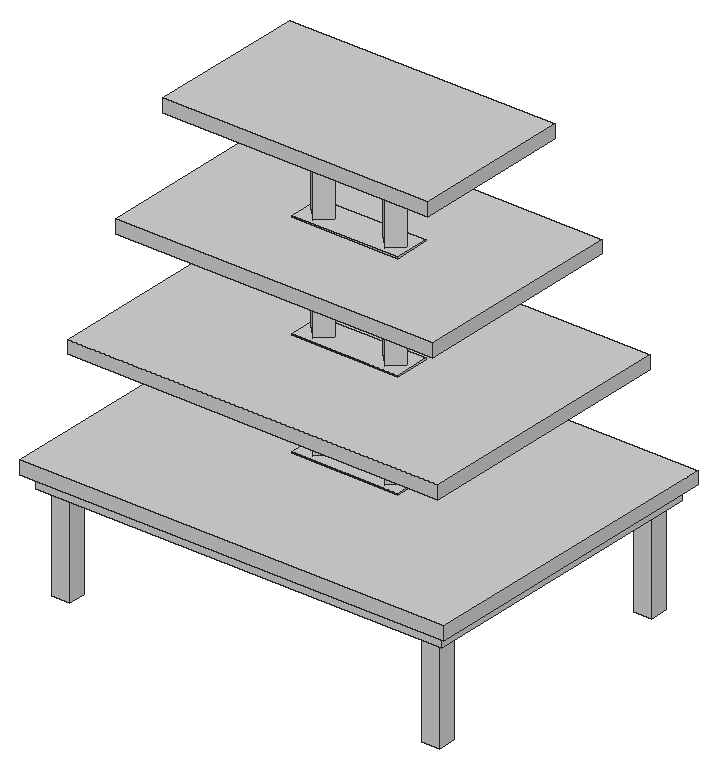
Revit family "CD", category Specialty Equipment, Revit 2012
Parameters (values of type "Contemporary Display Table (Default)")
  URL = "http://madixinc.com/display/freestanding.html"
  Model = "Contemporary Display Table"
  Manufacturer = "© 2012 Madix, Inc. All rights reserved."
Reference planes (in)
  plane 1 "Center (Front/Back)": y = 0
  plane 2: z = 0
  plane 3 "Center (Left/Right)": x = 0
  plane 4: x = -24
  plane 5: x = 24
  plane 6: y = 18
  plane 7: y = -18
  plane 8: x = -21
  plane 9: x = 21
  plane 10: y = 15
  plane 11: y = -15
  plane 12: x = -18
  plane 13: x = 18
  plane 14: y = 12
  plane 15: y = -12
  plane 16: x = -15
  plane 17: x = 15
  plane 18: y = 9
  plane 19: y = -9
  plane 20: z = 50
  plane 21: z = 48.5
  plane 22: z = 14
  plane 23: z = 12.5
  plane 24: z = 11
  plane 25: z = 38
  plane 26: z = 36.5
  plane 27: z = 26
  plane 28: z = 24.5
  plane 29: x = -22
  plane 30: x = -23
  plane 31: x = 22
  plane 32: x = 23
  plane 33: y = 17
  plane 34: y = 16
  plane 35: y = -17
  plane 36: y = -16
  plane 37: x = -20
  plane 38: z = 38.125
  plane 39: z = 26.125
  plane 40: z = 14.125
Forms (in)
  Extrusion 1, solid, material "Metal - Steel"
    sketch origin (0, 0, 0) x (1, 0, 0) y (0, 1, 0)
      loop
        line (-24, 18) -> (-24, -18) -> (24, -18) -> (24, 18) -> (-24, 18)
    from 12.5 to 14
  Extrusion 2, solid, material "Metal - Steel"
    sketch origin (0, 0, 0) x (1, 0, 0) y (0, 1, 0)
      loop
        line (-21, 15) -> (-21, -15) -> (21, -15) -> (21, 15) -> (-21, 15)
    from 24.5 to 26
  Extrusion 3, solid, material "Metal - Steel"
    sketch origin (0, 0, 0) x (1, 0, 0) y (0, 1, 0)
      loop
        line (-18, 12) -> (-18, -12) -> (18, -12) -> (18, 12) -> (-18, 12)
    from 36.5 to 38
  Extrusion 4, solid, material "Metal - Steel"
    sketch origin (0, 0, 0) x (1, 0, 0) y (0, 1, 0)
      loop
        line (-15, 9) -> (-15, -9) -> (15, -9) -> (15, 9) -> (-15, 9)
    from 48.5 to 50
  Extrusion 5, solid, material "Metal - Steel"
    sketch origin (0, 0, 0) x (1, 0, 0) y (0, 1, 0)
      loop
        line (-23, 17) -> (-23, -17) -> (23, -17) -> (23, 17) -> (-23, 17)
    from 11 to 12.5
  Extrusion 6, solid, material "Metal - Steel"
    sketch origin (0, 0, 0) x (1, 0, 0) y (0, 1, 0)
      loop
        line (-22, -16) -> (-20, -16) -> (-20, -14) -> (-22, -14) -> (-22, -16)
      loop
        line (-22, 16) -> (-22, 14) -> (-20, 14) -> (-20, 16) -> (-22, 16)
      loop
        line (22, -16) -> (22, -14) -> (20, -14) -> (20, -16) -> (22, -16)
      loop
        line (22, 16) -> (20, 16) -> (20, 14) -> (22, 14) -> (22, 16)
    from 0 to 11
  Extrusion 7, solid, material "Metal - Steel"
    sketch origin (0, 0, 0) x (1, 0, 0) y (0, 1, 0)
      loop
        line (-6, 2) -> (-6, -2) -> (6, -2) -> (6, 2) -> (-6, 2)
    from 14 to 14.125
  Extrusion 8, solid, material "Metal - Steel"
    sketch origin (0, 0, 0) x (1, 0, 0) y (0, 1, 0)
      loop
        line (-6, 2) -> (-6, -2) -> (6, -2) -> (6, 2) -> (-6, 2)
    from 26 to 26.125
  Extrusion 9, solid, material "Metal - Steel"
    sketch origin (0, 0, 0) x (1, 0, 0) y (0, 1, 0)
      loop
        line (-6, 2) -> (-6, -2) -> (6, -2) -> (6, 2) -> (-6, 2)
    from 38 to 38.125
  Extrusion 10, solid, material "Metal - Steel"
    sketch origin (0, 0, 0) x (1, 0, 0) y (0, 1, 0)
      loop
        line (-5.5, 0) -> (-4.08579, -1.41421) -> (-2.67157, 0) -> (-4.08579, 1.41421) -> (-5.5, 0)
      loop
        line (5.5, 0) -> (4.08579, 1.41421) -> (2.67157, 0) -> (4.08579, -1.41421) -> (5.5, 0)
    from 14.125 to 24.5
  Extrusion 11, solid, material "Metal - Steel"
    sketch origin (0, 0, 0) x (1, 0, 0) y (0, 1, 0)
      loop
        line (-4.08579, 1.41421) -> (-5.5, 0) -> (-4.08579, -1.41421) -> (-2.67157, 0) -> (-4.08579, 1.41421)
      loop
        line (2.67157, 0) -> (4.08579, -1.41421) -> (5.5, 0) -> (4.08579, 1.41421) -> (2.67157, 0)
    from 26.125 to 36.5
  Extrusion 12, solid, material "Metal - Steel"
    sketch origin (0, 0, 0) x (1, 0, 0) y (0, 1, 0)
      loop
        line (-4.08579, 1.41421) -> (-5.5, 0) -> (-4.08579, -1.41421) -> (-2.67157, 0) -> (-4.08579, 1.41421)
      loop
        line (2.67157, 0) -> (4.08579, -1.41421) -> (5.5, 0) -> (4.08579, 1.41421) -> (2.67157, 0)
    from 38.125 to 48.5
Dimensions and locks (in)
  aligned and locked: level to plane 2
